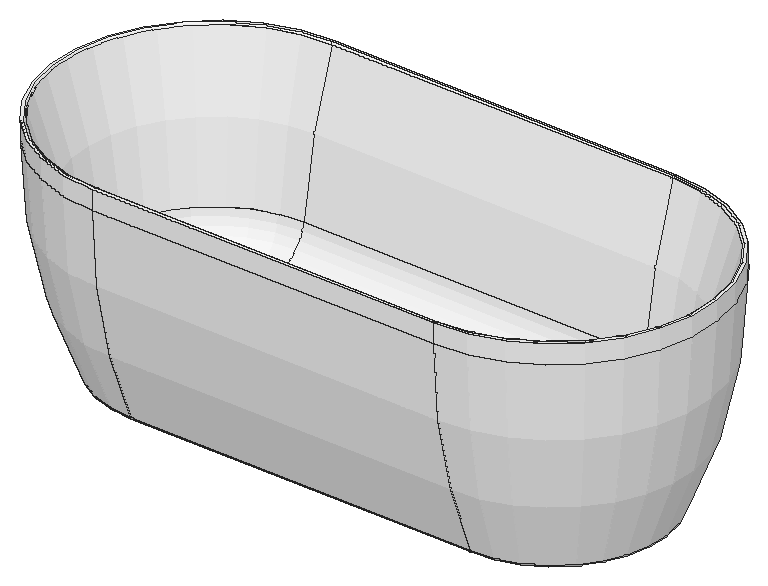
Revit family "Plum Fix_Bath_Nova 1700 Oval Freestanding Bath", category Plumbing Fixtures, Revit 2016
Family settings
  Part Type = Normal
  Round Connector Dimension = Use Diameter
  OmniClass Number = 23.45.05.14.21
  OmniClass Title = Bathtubs
  Work Plane-Based = No
  Always vertical = Yes
  Cut with Voids When Loaded = Yes
  Shared = No
  Room Calculation Point = No
Parameters (values of type "White")
  Waste Connection = yes
  WFU = 0
  Vent Connection = no
  URL = "https://www.argentaust.com.au/"
  Type Comments = "White"
  ModifiedIssue_ANZRS = 20190213
  Model = "FS836817"  # constant formula
  Manufacturer_URL__Product Specific = "https://www.argentaust.com.au/argent/bath/nova-1700-oval-freestanding-bath.html"
  Manufacturer_Spec Code = Model  # "FS836817"
  Manufacturer_Overall Width = 1700 mm  # constant formula
  Manufacturer_Overall Height = 600 mm  # constant formula
  Manufacturer_Overall Depth = 800 mm  # constant formula
  Manufacturer_Height From FFL [instance] = 0 mm
  Manufacturer = "Argent"  # constant formula
  Keynote = ""
  HWFU = 0
  HW Connection = no
  Description = "Nova 1700 Oval Freestanding Bath"  # constant formula
  CreatedBy_ANZRS = "IGS BIM Solutions"  # constant formula
  CreatedByURL_ANZRS = "http://www.igsgroup.com.au"
  Cost = 0
  CWFU = 0
  CW Connection = no
  Body Material = z_Argent_Ceramic White
  Assembly Code = ""
Reference planes
  plane 1 "Ref. Level": z = 0
  plane 2 "Center (Left/Right)": x = -4.48
  plane 3 "Left": x = -854.48
  plane 4 "Right": x = 845.52
  plane 5 "Center (Front/Back)": y = -400.5
  plane 6 "Back": y = -0.5
  plane 7 "Bottom": z = 0
  plane 8 "Front": y = -800.5
  plane 9 "Top": z = 600
  plane 10 "Bottom Offset": z = 130
Forms (mm)
  Sweep 1, solid, material "z_Argent_Ceramic White" <- "Body Material"
    path origin (0, 0, 0) x (0, -1, 0) y (-1, 0, 0)
      loop
        line (0.5, 454.48) -> (0.5, -445.52)
        arc (0.5, -445.52) -> (400.5, -845.52) -> (800.5, -445.52) r 400
        line (800.5, -445.52) -> (800.5, 454.48)
        arc (800.5, 454.48) -> (400.5, 854.48) -> (0.5, 454.48) r 400
    profile origin (-4.48, -0.5, 0) x (0, 1, 0) y (0, 0, 1)
      loop
        line (0, 600) -> (-6.539, 600)
        arc (-6.539, 600) -> (-9.387, 599.11) -> (-11.22, 596.755) r 5
        arc (-11.22, 596.755) -> (-68.926, 410.013) -> (-104.231, 217.772) r 1656.262
        arc (-104.231, 217.772) -> (-137.234, 155.091) -> (-203.48, 130) r 100
        line (-203.48, 130) -> (-300.786, 130) -> (-300.786, 0) -> (-133.244, 0)
        arc (-133.244, 0) -> (-127.923, 1.533) -> (-124.234, 5.661) r 10
        arc (-124.234, 5.661) -> (-31.453, 270.832) -> (0, 550) r 1254.645
        line (0, 550) -> (0, 600)
  Extrusion 2, solid, material "z_Argent_Ceramic White" <- "Body Material"
    sketch origin (0, 0, 1050) x (-1, 0, 0) y (0, -1, 0)
      loop
        line (454.48, 499.714) -> (-445.52, 499.714)
        arc (-445.52, 499.714) -> (-544.734, 400.5) -> (-445.52, 301.286) r 99.214
        line (-445.52, 301.286) -> (454.48, 301.286)
        arc (454.48, 301.286) -> (553.694, 400.5) -> (454.48, 499.714) r 99.214
    from -1050 to -920
  Revolve 3, void
    sketch origin (4267.2, -400.5, 2852.183) x (0, 0, 1) y (1, 0, 0)
      loop
        line (-2852.183, -4271.68) -> (-2852.183, -4296.68) -> (-2742.183, -4296.68) -> (-2742.183, -4301.68)
        arc (-2742.183, -4301.68) -> (-2737.79, -4312.287) -> (-2727.183, -4316.68) r 15
        line (-2727.183, -4316.68) -> (-2722.183, -4316.68) -> (-2722.183, -4271.68) -> (-2852.183, -4271.68)
      axis (-2722.183, -4271.68) -> (-2852.183, -4271.68)
    angle from 0 to 360
Cuts and joins
  Revolve 3 cuts Sweep 1
  Revolve 3 cuts Extrusion 2
  joined: Sweep 1, Extrusion 2
Lines and regions (mm)
  Masking region 1
    outline origin (0, 0, 600) x (0, 1, 0) y (-1, 0, 0)
      loop
        line (-800.5, 454.48) -> (-800.5, -445.52)
        arc (-800.5, -445.52) -> (-400.5, -845.52) -> (-0.5, -445.52) r 400
        line (-0.5, -445.52) -> (-0.5, 454.48)
        arc (-0.5, 454.48) -> (-400.5, 854.48) -> (-800.5, 454.48) r 400
  Masking region 2
    outline origin (0, -800.5, 0) x (0, 0, 1) y (-1, 0, 0)
      loop
        line (600, 854.48) -> (525, 854.48)
        arc (525, 854.48) -> (256.356, 822.51) -> (2.719, 728.386) r 1144.693
        arc (2.719, 728.386) -> (0.733, 726.544) -> (0, 723.937) r 5
        line (0, 723.937) -> (0, -714.977)
        arc (0, -714.977) -> (0.733, -717.584) -> (2.719, -719.426) r 5
        arc (2.719, -719.426) -> (256.356, -813.55) -> (525, -845.52) r 1144.693
        line (525, -845.52) -> (600, -845.52) -> (600, 854.48)
  Masking region 3
    outline origin (-4.48, 0, 0) x (0, 1, 0) y (0, 0, 1)
      loop
        line (-800.5, 600) -> (-800.5, 525)
        arc (-800.5, 525) -> (-777.837, 258.671) -> (-710.5, 0) r 1576.25
        line (-710.5, 0) -> (-90.5, 0)
        arc (-90.5, 0) -> (-23.163, 258.671) -> (-0.5, 525) r 1576.25
        line (-0.5, 525) -> (-0.5, 600) -> (-800.5, 600)
  symbolic lines, style "Basins/Sinks/Tubs", detail levels fine
    curve 1: circle (-4.48, -400.5, 600) r 45 normal (0, 0, -1)
    curve 3: arc (-454.48, -7.039, 600) -> (-847.941, -400.5, 600) -> (-454.48, -793.961, 600) r 393.461
    curve 4: line (-454.48, -7.039, 600) -> (445.52, -7.039, 600)
    curve 5: line (-454.48, -793.961, 600) -> (445.52, -793.961, 600)
    curve 6: arc (445.52, -793.961, 600) -> (838.981, -400.5, 600) -> (445.52, -7.039, 600) r 393.461
  symbolic lines, style "Basins/Sinks/Tubs", detail levels medium+fine
    curve 2: circle (-4.48, -400.5, 600) r 25 normal (0, 0, -1)
Text (mm)
  text "Disclaimer:\n\nDue to ongoing product development and manufacturing evolution, product details are subject to change without notice. Please refer to product technical data sheets on the manufacturer’s website for the most current product information. Please allow a +/- 5mm manufacturing tolerance for dimensions and set-outs shown in product literature." at (1036.701, -230.497, 0), in view "Ref. Level_Instruction"
Dimensions and locks
  "Manufacturer_Overall Height": plane 9 "Top" to plane 7 "Bottom"
  equal spacing: plane 3 "Left", plane 2 "Center (Left/Right)", plane 4 "Right"
  "Manufacturer_Overall Width": plane 3 "Left" to plane 4 "Right"
  "Manufacturer_Overall Depth": plane 8 "Front" to plane 6 "Back"
  equal spacing: plane 8 "Front", plane 5 "Center (Front/Back)", plane 6 "Back"
  "Manufacturer_Height From FFL": plane 7 "Bottom" to level
  locked: plane 10 "Bottom Offset" to plane 7 "Bottom" at 130
  aligned and locked: plane 7 "Bottom" to Sweep 1 sketch curve
  aligned and locked: Sweep 1 sketch curve to plane 6 "Back"
  aligned and locked: Extrusion 2 sketch curve to Sweep 1  (x2)
  aligned and locked: plane 7 "Bottom" to Extrusion 2
  aligned and locked: Sweep 1 to Extrusion 2
  aligned and locked: Revolve 3 sketch curve to plane 2 "Center (Left/Right)"
  aligned and locked: plane 7 "Bottom" to Revolve 3 sketch curve
  aligned and locked: Sweep 1 sketch curve to plane 10 "Bottom Offset"
  aligned and locked: Masking region 1 sketch curve to cut or joined group of Sweep 1, Extrusion 2, Revolve 3  (x2)
  aligned and locked: curve 3 to cut or joined group of Sweep 1, Extrusion 2, Revolve 3
  aligned and locked: curve 6 to cut or joined group of Sweep 1, Extrusion 2, Revolve 3
Automatic sketch dimensions
  Sweep 1 sketch curve to plane 6 "Back" = 0 mm
  Sweep 1 sketch curve to plane 5 "Center (Front/Back)" = 0 mm
  plane 4 "Right" to Sweep 1 sketch curve = 400 mm
  Sweep 1 sketch curve to plane 3 "Left" = 400 mm
  curve 1 to curve 2 = 0 mm  (x2)
  curve 2 to plane 2 "Center (Left/Right)" = 0 mm
  curve 2 to plane 5 "Center (Front/Back)" = 0 mm
  Masking region 3 sketch curve to plane 8 "Front" = 0 mm
  plane 7 "Bottom" to Masking region 3 sketch curve = 0 mm
  Masking region 3 sketch curve to plane 6 "Back" = 0 mm
  plane 9 "Top" to Masking region 3 sketch curve = 0 mm
  plane 9 "Top" to Masking region 3 sketch curve = 75 mm  (x2)
  plane 8 "Front" to Masking region 3 sketch curve = 776.25 mm
  Masking region 3 sketch curve to plane 5 "Center (Front/Back)" = 310 mm
  profile plane to Sweep 1 sketch curve = 6.539 mm
  Sweep 1 sketch curve to plane 7 "Bottom" = 10 mm
  profile plane to Sweep 1 sketch curve = 133.244 mm
  Sweep 1 sketch curve to Sweep 1 sketch curve = 70.237 mm
  Sweep 1 sketch curve to Sweep 1 sketch curve = 97.306 mm
  Sweep 1 sketch curve to plane 7 "Bottom" = 15.248 mm
  Sweep 1 sketch curve to profile plane = 1539.602 mm
  Sweep 1 sketch curve to Sweep 1 sketch curve = 100 mm
  Sweep 1 sketch curve to Sweep 1 sketch curve = 45 mm
  Sweep 1 sketch curve to Sweep 1 sketch curve = 5 mm
  Sweep 1 sketch curve to Sweep 1 sketch curve = 0 mm  (x2)
  Sweep 1 sketch curve to plane 7 "Bottom" = 5.661 mm
  Masking region 2 sketch curve to plane 7 "Bottom" = 0 mm
  Masking region 2 sketch curve to plane 4 "Right" = 0 mm
  Masking region 2 sketch curve to plane 3 "Left" = 0 mm
  Masking region 2 sketch curve to plane 9 "Top" = 0 mm
  Masking region 2 sketch curve to Masking region 2 sketch curve = 5 mm  (x2)
  plane 9 "Top" to Masking region 2 sketch curve = 75 mm  (x2)
  Masking region 2 sketch curve to plane 4 "Right" = 130.543 mm
  plane 2 "Center (Left/Right)" to Masking region 2 sketch curve = 294.693 mm
  Masking region 2 sketch curve to plane 2 "Center (Left/Right)" = 294.693 mm
  plane 3 "Left" to Masking region 2 sketch curve = 130.543 mm
  Masking region 2 sketch curve to Masking region 2 sketch curve = 4.449 mm
  Revolve 3 sketch curve to plane 10 "Bottom Offset" = 0 mm
  Revolve 3 sketch curve to plane 2 "Center (Left/Right)" = 0 mm
  plane 10 "Bottom Offset" to Revolve 3 sketch curve = 20 mm
  plane 10 "Bottom Offset" to Revolve 3 sketch curve = 5 mm
  Revolve 3 sketch curve to Revolve 3 sketch curve = 25 mm
  Revolve 3 sketch curve to Revolve 3 sketch curve = 5 mm
  Revolve 3 sketch curve to Revolve 3 sketch curve = 134.494 mm
  Revolve 3 sketch curve to Revolve 3 sketch curve = 163.693 mm
  radius of curve 1 = 45 mm
  radius of curve 2 = 25 mm
Connectors
  piping at (-4.48, -400.5, 0), diameter 50
    settings: on cut or joined group of Sweep 1, Extrusion 2, Revolve 3, index 1, connector inside diameter 609.6 mm, connector length 0 mm, flow factor 0, pipe flow 0.000 L/s, pressure drop 0.0 Pa, fitting loss kfactor 0, connector angle 0.00°, fixture units 0, engagement length 0 mm, angle of deflection 0.00°, flow configuration 2, flow direction 2, fitting loss method 4, system type 16, joint type 0, gender type 0, connector reference index -1, connector utility 0, adjustable connector no, is connector primary yes, connector description "Waste Outlet"
